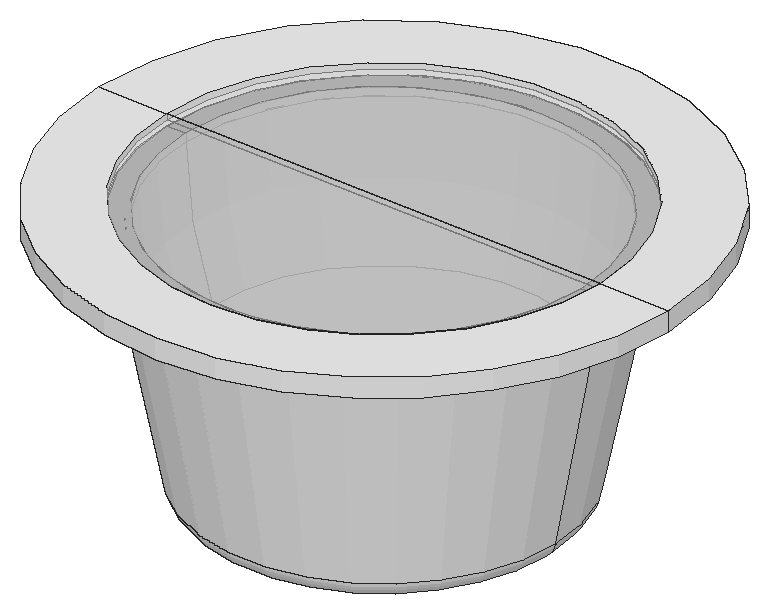
Revit family "2060555+2039013 Sylvania Lighting Fixture ASCENT 100 II ARCH 1900 4K STD 160 with IP54 PC Cover", category Lighting Fixtures, host Face, Revit 2016
Family settings
  Host = Face
  Part Type = Normal
  Round Connector Dimension = Use Diameter
  OmniClass Number = 23.80.70.11.17
  OmniClass Title = Specialized Lighting by Location or Use
  Cut with Voids When Loaded = No
  Light Source = Yes
  Shared = No
  Room Calculation Point = No
Parameters (values of type "2060555+2039013 ASCT100 II ARCH 1900 4K STD 160 with IP54 PC Cover")
  WidthBezelAcc_SYL = 25.0 mm
  Weight = "1.2 kg"
  Wattage = 17 W
  WarrantyStartDate [instance] = "n/a"
  WarrantyGuarantorParts = "n/a"
  WarrantyDurationUnit = "n/a"
  WarrantyDurationParts = "n/a"
  WarrantyDescription = "n/a"
  built-in parameter 1150110 = 1 (stored number, unit not read)
  Voltage = 0 V
  VisibilityAccessory_SYL = yes
  TypeName = "ASCENT 100 II ARCH 1900 4K STD 160 with IP54 PC Cover"
  built-in parameter 1114217 = 1 (stored number, unit not read)
  Tilt Angle = -90°
  built-in parameter 1150109 = 1 (stored number, unit not read)
  built-in parameter 1150134 = 12
  built-in parameter 1150113 = 1 (stored number, unit not read)
  SerialNumber [instance] = "n/a"
  ReflectorRadius_SYL = Radius_SYL - 14.5 mm  # 80.0 mm
  RadiusAcc_SYL = 105.0 mm
  Radius_SYL = 94.5 mm
  URL = "http://www.sylvania-lighting.com"
  PowerFactor = 0
  PowerConsumption = "17 W"
  Photometric Web File = "2060555.ies"
  NominalWidth = 0.0 mm
  NominalLength = 0.0 mm
  NominalHeight = 94.0 mm
  Name = "ASCENT 100 II ARCH 1900 4K STD 160 with IP54 PC Cover"
  ModelReference = "ASCENT 100 II ARCH 1900 4K STD 160 with IP54 PC Cover"
  ModelNumber = "2060555+2039013"
  Material_4_SYL = none
  Material_3_SYL = Polycarbonate_Sylvania_Ascent_Clear
  Material_2_SYL = Aluminium_Sylvania_Ascent_Silver
  Material_1_SYL = Aluminum_Sylvania_Ascent_White
  Material = "aluminium housing, arcylic diffuser"
  ManufacturerName = "Feilo Sylvania"
  LuminousEfficacy = "113 lm/W"
  built-in parameter 1150105 = 152.87 (stored number, unit not read)
  Lumens = 1921 lm
  LuminaireType = ""
  built-in parameter 1150115 = 1 (stored number, unit not read)
  LightOutputRatio = "100"
  built-in parameter 1150137 = (empty or 0)
  built-in parameter 1150139 = (empty or 0)
  LampsType = Lamp  # "LED"
  LampNominalLuminous = "1921 lm"
  LampMacAdamStep = "3"
  LampColourTemperature = "4000 K"
  LampColourRenderingIndex = "80"
  built-in parameter 1150112 = 1 (stored number, unit not read)
  built-in parameter 1150114 = 1 (stored number, unit not read)
  Keynote = "16500"
  InstallationDate [instance] = "n/a"
  InputVoltage = "n/a"
  InputNominalFrequency = "n/a"
  built-in parameter 1150132 = (empty or 0)
  built-in parameter 1150102 = (empty or 0)
  built-in parameter 1150107 = 4000 (stored number, unit not read)
  built-in parameter 1150138 = (empty or 0)
  IngressProtection = "IP54"
  ImpactProtectionIndex = "IK02"
  built-in parameter 1150106 = 1.5287 (stored number, unit not read)
  IfcExportType = "IfcLightFixtureType"
  IfcExportAs = "IfcLightFixtureType"
  Height_SYL = 94.0 mm
  HeightAcc_SYL = 7.0 mm
  ExpectedLife = 50000
  EmittionSurface_SYL = if(VisibilityAccessory_SYL, 7.0 mm, 3.0 mm)  # 7.0 mm
  Emit from Circle Diameter = DiffuserRadius_SYL * 2  # 146.0 mm
  Emit Shape Visible in Rendering = no
  ElectricShockClassification = "Class II"
  built-in parameter 1150104 = 10.498 (stored number, unit not read)
  DurationUnit = "hours"
  DocumentationLiterature = "http://www.sylvania-lighting.com/product/en-int/products/2060555"
  DimmingControlOptions = "n/a"
  Dimming Lamp Color Temperature Shift = <None>
  DiffuserRadius_SYL = ReflectorRadius_SYL - 7.0 mm  # 73.0 mm
  Diameter_SYL = 2 * Radius_SYL  # 189.0 mm
  CutoutDiameter_SYL = Diameter_SYL - 13.0 mm  # 176.0 mm
  CreatedOn = "9/17/2018"
  CreatedBy = "@sylvania-lighting.com"
  Color Filter = 16777215
  built-in parameter 1114216 [instance] = 1 (stored number, unit not read)
  Model = "ASCENT 100 II ARCH 1900 4K STD 160 with IP54 PC Cover"
  Manufacturer = "Feilo Sylvania"
  Lamp = "LED"
  Description = "Direct LED retro fit for original LED 100 Arch (160) single CFL lamp offering Matching lumen levels and improved light distribution of original LED 100 CFL lamp equivalents Typically half the power consumption compared to CFL Up to 112lm/W 160mm aperture Architectural reflector accepts range of glass accessories from existing LED 100 Arch 160 offering HE, HO and VHO versions equivalent of single 1 x 18W, 1 x 32W, 1 x 42W\r\n Additional VVHO versions which offer the performance circa 2 x 32W equivalent"  # constant formula
  Default Elevation = 0.0 mm
  built-in parameter 1140040 [instance] = 1
  BarCode [instance] = "n/a"
  built-in parameter 1114218 = 1 (stored number, unit not read)
  built-in parameter 1150133 = 10 (stored number, unit not read)
  AssetType = "Fixed"
  AssetIdentifier [instance] = "n/a"
  Assembly Code = "D5020200"
  Apparent Load = 17 VA
  Aperture_SYL = 2 * ReflectorRadius_SYL  # 160.0 mm
Reference planes
  plane 1 "Center (Front/Back)": y = 0
  plane 2: z = 0
  plane 3 "Center (Left/Right)": x = 0
  plane 4 "Fixture Bottom": z = 3
  plane 5: z = -52.5
  plane 6 "Fixture Top": z = -91
  plane 7: x = -105
  plane 8: z = 7
  plane 9: x = -80
  plane 10: z = 5
  plane 11: x = -103
Forms (mm)
  Extrusion 1, solid, material "Aluminum_Sylvania_Ascent_White", detail levels fine
    sketch origin (0, 0, 0) x (1, 0, 0) y (0, 1, 0)
      loop
        circle (0, 0) r 94.5
      loop
        circle (0, 0) r 80
    from 0 to 3
  Extrusion 2, void
    sketch origin (0, 0, 0) x (1, 0, 0) y (0, 1, 0)
      loop
        circle (0, 0) r 88
    from -91 to 3
  Revolve 3, solid, material "Aluminum_Sylvania_Ascent_White" <- "Material_1_SYL", detail levels fine
    sketch origin (0, 0, 0) x (1, 0, 0) y (0, 0, 1)
      loop
        line (0, -91.073) -> (0, -89.023) -> (-55.468, -89.014)
        arc (-55.468, -89.014) -> (-59.352, -87.613) -> (-61.54, -84.139) r 6.307
        line (-61.54, -84.139) -> (-77.991, -2.844) -> (-77.991, 0) -> (-80, 0) -> (-80, -3) -> (-63.5, -84.536)
        arc (-63.5, -84.536) -> (-60.643, -89.203) -> (-55.5, -91.073) r 8.291
        line (-55.5, -91.073) -> (0, -91.073)
      axis (0, 0) -> (0, -91.073)
    angle from 0 to 360
  Revolve 4, solid, material "Aluminium_Sylvania_Ascent_Silver" <- "Material_2_SYL", detail levels fine
    sketch origin (0, 0, 0) x (1, 0, 0) y (0, 0, 1)
      loop
        line (-80, 3) -> (-80, 0) -> (-75, 0)
        arc (-75, 0) -> (-72.349, -26.77) -> (-64.5, -52.5) r 136.5
        line (-64.5, -52.5) -> (-58, -52.5)
        arc (-58, -52.5) -> (-56.857, -61.521) -> (-53.5, -69.971) r 36.166
        line (-53.5, -69.971) -> (0, -69.971) -> (0, -50.5) -> (-63.16, -50.5)
        arc (-63.16, -50.5) -> (-70.517, -25.725) -> (-73, 0) r 134.5
        line (-73, 0) -> (-73, 3) -> (-80, 3)
      axis (0, 3) -> (0, -69.971)
    angle from 0 to 360
  Extrusion 5, solid, material "Polycarbonate_Sylvania_Ascent_Clear" <- "Material_3_SYL", detail levels fine
    sketch origin (0, 0, 0) x (1, 0, 0) y (0, 1, 0)
      loop
        circle (0, 0) r 73
    from 0 to 3
  Revolve 6, solid, material "Aluminum_Sylvania_Ascent_White" <- "Material_1_SYL", detail levels coarse+medium
    sketch origin (0, 0, 0) x (1, 0, 0) y (0, 0, 1)
      loop
        line (0, -91.073) -> (0, 3) -> (-94.5, 3) -> (-94.5, 0) -> (-79.5, 0) -> (-79.5, -3) -> (-63, -84.536)
        arc (-63, -84.536) -> (-60.143, -89.203) -> (-55, -91.073) r 8.291
        line (-55, -91.073) -> (0, -91.073)
      axis (0, 3) -> (0, -91.073)
    angle from 0 to 360
  Revolve 7, solid, material "Aluminum_Sylvania_Ascent_White" <- "Material_1_SYL", visible <- "VisibilityAccessory_SYL"
    sketch origin (0, 0, 0) x (1, 0, 0) y (0, 0, 1)
      loop
        line (-105, 0) -> (-103, 0) -> (-103, 5) -> (-80, 5) -> (-80, 7) -> (-105, 7) -> (-105, 0)
      axis (0, 7) -> (0, 0)
    angle from 0 to 360
  Revolve 8, solid, material "Polycarbonate_Sylvania_Ascent_Clear" <- "Material_3_SYL", visible <- "VisibilityAccessory_SYL"
    sketch origin (0, 0, 0) x (1, 0, 0) y (0, 0, 1)
      loop
        line (-80, 7) -> (-80, 5) -> (0, 5) -> (0, 7) -> (-80, 7)
      axis (0, 7) -> (0, 5)
    angle from 0 to 360
Lines and regions (mm)
  reference lines
    curve 1: line (-150, 0, 7) -> (125, 0, 7)
Dimensions and locks
  locked: plane 4 "Fixture Bottom" to plane 2 at 3
  "Height_SYL": plane 4 "Fixture Bottom" to plane 6 "Fixture Top"
  "ReflectorRadius_SYL": plane 3 "Center (Left/Right)" to Revolve 4 sketch curve
  locked: Revolve 4 sketch curve to Revolve 4 sketch curve at 15.5
  locked: Revolve 4 sketch curve to Revolve 4 sketch curve at 5
  locked: Revolve 4 sketch curve to Revolve 4 sketch curve at 7
  locked: Revolve 4 sketch curve to Revolve 4 sketch curve at 22
  locked: Revolve 4 sketch curve to Revolve 4 sketch curve at 26.5
  locked: Revolve 3 sketch curve to Revolve 3 sketch curve at 16.5
  locked: Revolve 3 sketch curve to Revolve 3 sketch curve at 24.5
  "ReflectorRadius_SYL": Revolve 3 sketch curve to plane 3 "Center (Left/Right)"
  locked: Revolve 3 sketch curve to plane 6 "Fixture Top" at 6.464
  locked: plane 2 to Revolve 3 sketch curve at 3
  locked: Revolve 3 sketch curve to Revolve 3 sketch curve at 2
  locked: Revolve 3 sketch curve to Revolve 3 sketch curve at 2.009
  locked: plane 2 to plane 5 at 52.5
  locked: Revolve 6 sketch curve to Revolve 6 sketch curve at 31.5
  locked: Revolve 6 sketch curve to Revolve 6 sketch curve at 39.5
  locked: Revolve 6 sketch curve to Revolve 6 sketch curve at 15
  "Radius_SYL": plane 3 "Center (Left/Right)" to Revolve 6 sketch curve
  "RadiusAcc_SYL": plane 3 "Center (Left/Right)" to plane 7
  "HeightAcc_SYL": plane 8 to level
  "WidthBezelAcc_SYL": plane 7 to plane 9
  locked: plane 7 to plane 11 at 2
  locked: plane 8 to plane 10 at 2
  "EmittionSurface_SYL": curve 1 to level
  "CutoutDiameter_SYL": diameter of Extrusion 2 sketch curve
  "ReflectorRadius_SYL": radius of Extrusion 1 sketch curve
  "DiffuserRadius_SYL": radius of Extrusion 5 sketch curve
  "Radius_SYL": radius of Extrusion 1 sketch curve
  aligned and locked: host face to plane 2
  aligned and locked: host face to level
  aligned and locked: plane 4 "Fixture Bottom" to Extrusion 1
  aligned and locked: Extrusion 1 to plane 2
  aligned and locked: Revolve 3 sketch curve to plane 3 "Center (Left/Right)"
  aligned and locked: Revolve 4 sketch curve to plane 3 "Center (Left/Right)"  (x2)
  aligned and locked: plane 4 "Fixture Bottom" to Revolve 4 sketch curve
  aligned and locked: Extrusion 5 to plane 2
  aligned and locked: plane 2 to Revolve 3 sketch curve  (x2)
  aligned and locked: Revolve 6 sketch curve to plane 3 "Center (Left/Right)"
  aligned and locked: plane 6 "Fixture Top" to Extrusion 2
  aligned and locked: Revolve 7 sketch curve to plane 3 "Center (Left/Right)"
  aligned and locked: host face to Revolve 7 sketch curve  (x2)
  aligned and locked: Revolve 7 sketch curve to plane 7
  aligned and locked: plane 8 to Revolve 7 sketch curve
  aligned and locked: plane 9 to Revolve 7 sketch curve
  aligned and locked: Revolve 7 sketch curve to plane 10
  aligned and locked: plane 11 to Revolve 7 sketch curve
  aligned and locked: Revolve 7 to Revolve 8 sketch curve
  aligned and locked: Revolve 8 sketch curve to Revolve 7  (x2)
  aligned and locked: Revolve 8 sketch curve to plane 3 "Center (Left/Right)"  (x2)
  aligned and locked: plane 3 "Center (Left/Right)" to imposter light
  aligned and locked: imposter light to plane 1 "Center (Front/Back)"
  aligned and locked: imposter light to curve 1
Automatic sketch dimensions
  plane 1 "Center (Front/Back)" to Extrusion 2 sketch curve = 0.0 mm
  Extrusion 2 sketch curve to plane 3 "Center (Left/Right)" = 0.0 mm
  Extrusion 1 sketch curve to Extrusion 1 sketch curve = 0.0 mm  (x2)
  plane 1 "Center (Front/Back)" to Extrusion 1 sketch curve = 0.0 mm
  Extrusion 1 sketch curve to plane 3 "Center (Left/Right)" = 0.0 mm
  plane 6 "Fixture Top" to Revolve 3 sketch curve = 0.073 mm
  Revolve 3 sketch curve to plane 6 "Fixture Top" = 6.861 mm
  Revolve 3 sketch curve to Revolve 3 sketch curve = 0.003 mm
  Revolve 3 sketch curve to Revolve 3 sketch curve = 0.009 mm  (x2)
  Revolve 3 sketch curve to Revolve 3 sketch curve = 0.023 mm
  Revolve 3 sketch curve to Revolve 3 sketch curve = 0.072 mm
  Revolve 3 sketch curve to Revolve 3 sketch curve = 0.008 mm
  Revolve 3 sketch curve to plane 6 "Fixture Top" = 1.977 mm
  Revolve 3 sketch curve to Revolve 3 sketch curve = 33.496 mm
  Revolve 3 sketch curve to Revolve 3 sketch curve = 0.028 mm
  plane 4 "Fixture Bottom" to Revolve 3 sketch curve = 82.431 mm
  Revolve 4 sketch curve to Revolve 4 sketch curve = 0.0 mm  (x2)
  Revolve 4 sketch curve to plane 5 = 0.0 mm
  Revolve 4 sketch curve to level = 0.0 mm
  plane 5 to Revolve 4 sketch curve = 2.0 mm
  plane 4 "Fixture Bottom" to Revolve 4 sketch curve = 9.642 mm
  plane 1 "Center (Front/Back)" to Extrusion 5 sketch curve = 0.0 mm
  Extrusion 5 sketch curve to plane 3 "Center (Left/Right)" = 0.0 mm
  Revolve 4 sketch curve to level = 69.971 mm
  Revolve 4 sketch curve to Revolve 4 sketch curve = 2.387 mm
  Revolve 6 sketch curve to level = 0.0 mm
  Revolve 6 sketch curve to plane 3 "Center (Left/Right)" = 0.0 mm
  Revolve 6 sketch curve to Revolve 6 sketch curve = 8.104 mm
  Revolve 6 sketch curve to level = 3.0 mm
  Revolve 6 sketch curve to plane 6 "Fixture Top" = 6.464 mm
  plane 6 "Fixture Top" to Revolve 6 sketch curve = 0.073 mm
  Revolve 6 sketch curve to Revolve 6 sketch curve = 33.496 mm
  plane 4 "Fixture Bottom" to Revolve 6 sketch curve = 82.431 mm
  host sketch curve to host sketch curve = 1704.996 mm
  host sketch curve to host sketch curve = 1500.0 mm
  plane 6 "Fixture Top" to Revolve 7 sketch curve = 281.274 mm
  Revolve 7 sketch curve to plane 8 = 1140.706 mm
  plane 6 "Fixture Top" to Revolve 8 sketch curve = 281.274 mm
  Revolve 8 sketch curve to Revolve 8 sketch curve = 1140.706 mm
  Revolve 3 sketch curve to plane 3 "Center (Left/Right)" = 0.0 mm
  Revolve 6 sketch curve to plane 4 "Fixture Bottom" = 0.0 mm
  plane 7 to curve 1 = 45.0 mm
  plane 3 "Center (Left/Right)" to curve 1 = 125.0 mm
Connectors
  electrical at (0, 0, -91.073), driven by "Apparent Load"
    settings: on Revolve 3, index 1, voltage 240 V, apparent load 0 VA, apparent load phase1 17 VA, apparent load phase2 0 VA, apparent load phase3 0 VA, power factor 1, load classification "Lighting", number of poles 1, system type 31, power factor state 1, is connector primary yes, connector utility no, sub classification motor no, connector description ""
